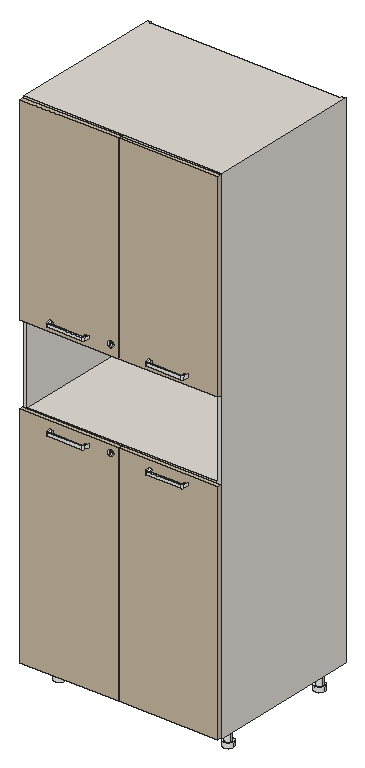
Revit family "Cabinets-Teknion-CEMS-Tall_Cabinet_Microwave_Sections_And_Doors-R2023", category Furniture, Revit 2023
Family settings
  OmniClass Number = 23.40.20.00
  OmniClass Title = General Furniture and Specialties
  Work Plane-Based = No
  Enable Cutting in Views = No
  Always vertical = Yes
  Cut with Voids When Loaded = No
  Render Appearance Source = Family Geometry
  Shared = Yes
  Room Calculation Point = No
Parameters (values of type "Tall Cabinet – Microwave Section(s) and Doors")
  Width [instance] = 36.000"
  Warranty = "http://www.teknion.com/ca/papers/legal-canada"
  Unit Weight URL = "http://www.teknion.com/ca/tools/assets#&asset=bee6a381-b954-425e-8283-5a2de3a804f2,f828d448-4b62-4231-9e5f-9a8991c0ed77"
  URL = "www.teknion.com"
  Two Microwave [instance] = no
  To render please download texture images found here [instance] = "https://assets.teknion.com/web/5e81352c1dfdb467/revit-material-swatches/"
  Three Microwave [instance] = no
  Sustainability Data = "https://www.teknion.com/ca/tools/assets#&topic=216f99a5-57a0-44fc-b10a-9dee9b29ae4c&asset=444deb64-fe58-4b68-981e-f75e97781df7,b4ff2d81-9f2e-437d-9659-7cffb09c31cf"
  Series = "Expansion Casework+"  # constant formula
  Pull Finish [instance] = Paint - Teknion - Foundation - Very White
  Product Page URL = "https://www.teknion.com/ca/products/product-details?productLineId=30ca1270-8e7a-673b-a6c8-ff05004460c4"
  Product Line = "Storage Cabinet"  # constant formula
  Product Documentation Link = "https://www.teknion.com/pricing/expansion-casework/pdfs/CEMS_ppg.pdf"
  Part Number = "CEMS"  # constant formula
  Opening Size [instance] = if(and(Three Microwave, Adjacent Base Cabinet Height = 35.000"), 44.805", if(and(Three Microwave, Adjacent Base Cabinet Height = 32.000"), 47.243", if(and(Two Microwave, Adjacent Base Cabinet Height = 35.000"), 31.118", if(and(Two Microwave, Adjacent Base Cabinet Height = 32.000"), 31.368", 14.546"))))  # 14.546"
  One Microwave [instance] = yes
  Model = "CEMS1_________"  # constant formula
  Microwave Section Configuration [instance] = "Select One Of The Options Below"  # constant formula
  Manufacturer Phone = "416-661-3370"  # constant formula
  Manufacturer Fax = "416.661.4586"  # constant formula
  Manufacturer Contact Information = "http://www.teknion.com/ca/contactus"
  Manufacturer Address = "1150 Flint Road, Toronto, ON. M3J 2J5. Canada"  # constant formula
  Manufacturer = "Teknion"  # constant formula
  How To Use Teknion Materials User Guide [instance] = "https://assets.teknion.com/m/205dd0a49fa58060/original/How-to-add-a-Material-Library-and-Texture-Images-to-your-Revit-project.pdf"
  Height [instance] = 96.000"
  Front Finish [instance] = Foundation Laminate-Teknion-4L-Baltic_Ply
  For Additional Finishes please visit [instance] = "https://assets.teknion.com/m/44a8009b046e5d47/original/Teknion_Materials_Library.zip"
  Description = "Tall Cabinet – Microwave Section(s) and Doors"  # constant formula
  Depth [instance] = 29.000"
  Default Elevation = 0.000"
  Case Finish [instance] = Source Laminate - Teknion - XS - Storm White
  Bottom Cabinet Height [instance] = if(and(Three Microwave, Adjacent Base Cabinet Height = 35.000"), 27.195", if(and(Three Microwave, Adjacent Base Cabinet Height = 32.000"), 24.757", if(and(Two Microwave, Adjacent Base Cabinet Height = 35.000"), 34.882", if(and(Two Microwave, Adjacent Base Cabinet Height = 32.000"), 31.632", 45.454"))))  # 45.454"
  Available Width [instance] = "Available In 24, 27, 30, 33 & 36 Inches"  # constant formula
  Available Height [instance] = if(Three Microwave, "Available In 90 & 96 Inches", "Available In 84, 90 & 96 Inches")  # "Available In 84, 90 & 96 Inches"
  Available Depth [instance] = "Available In 24 & 29 Inches"  # constant formula
  Available Adjacent Base Cabinet Height Options [instance] = if(Height = 84.000", "Not Available In 84\" Height ", "Available In 32 & 35 Inches")  # "Available In 32 & 35 Inches"
  Assembly Code = "E2020200"
  Adjacent Base Cabinet Height [instance] = 32.000"
Reference planes (in)
  plane 1 "Center Front/Back": y = -0.41929
  plane 2: z = 0
  plane 3 "Center Left/Right": x = 0
  plane 4 "Left": x = -18
  plane 5 "Right": x = 18
  plane 6 "Back": y = 14.08071
  plane 7 "Front": y = -14.91929
  plane 8 "Top": z = 96
  plane 9 "Legs": x = -15.35329
  plane 10: y = -9.27567
  plane 11 "Legs 2": x = 15.35329
  plane 12: y = 11.48396
  plane 13 "Handel": z = 61.84055
  plane 14 "Handel 2": z = 44.14494
  plane 15 "Handel 4": x = 9
  plane 16 "Handel 3": x = -9
  plane 17: z = 45.454
  plane 18: z = 4.13386
  plane 19: z = 52.727
  plane 20: z = 60
  plane 21: z = 50.30267
  plane 22: z = 55.15133
Forms (in)
  Sweep 1, solid, material "Source Laminate - Teknion - XS - Storm White" <- "Case Finish"
    path origin (0, -0.41929, 0) x (1, 0, 0) y (0, 0, 1)
      loop
        line (0, 96) -> (0, 4.13386)
    profile origin (0, -0.41929, 50.06693) x (0, -1, 0) y (1, 0, 0)
      loop
        line (-14.18504, 17.29921) -> (-14.18504, -17.29921) -> (-14.5, -17.29921) -> (-14.5, -18) -> (13.66142, -18) -> (13.66142, 18) -> (-14.5, 18) -> (-14.5, 17.29921) -> (-14.18504, 17.29921)
  Sweep 2, void
    path origin (0, 0, 0) x (1, 0, 0) y (0, 1, 0)
      loop
        line (0, 13.06496) -> (0, -14.91929)
    profile origin (0, -0.92717, 0) x (1, 0, 0) y (0, 0, 1)
      loop
        line (-17.29921, 45.572) -> (17.29921, 45.572) -> (17.29921, 60) -> (-17.29921, 60) -> (-17.29921, 45.572)
  Sweep 3, solid, material "Foundation Laminate-Teknion-4L-Baltic_Ply" <- "Front Finish"
    path origin (0, 0, 0) x (1, 0, 0) y (0, 1, 0)
      loop
        line (0, -14.2185) -> (0, -14.91929)
    profile origin (0, -14.5689, 0) x (1, 0, 0) y (0, 0, 1)
      loop
        line (-17.94094, 60) -> (-0.05906, 60) -> (-0.05906, 95.88189) -> (-17.94094, 95.88189) -> (-17.94094, 60)
      loop
        line (0.05906, 60) -> (17.94094, 60) -> (17.94094, 95.88189) -> (0.05906, 95.88189) -> (0.05906, 60)
      loop
        line (-0.05906, 45.454) -> (-17.94094, 45.454) -> (-17.94094, 4.25197) -> (-0.05906, 4.25197) -> (-0.05906, 45.454)
      loop
        line (17.94094, 45.454) -> (0.05906, 45.454) -> (0.05906, 4.25197) -> (17.94094, 4.25197) -> (17.94094, 45.454)
  Revolve 4, solid, material "Paint - Teknion - Foundation - Very White"
    sketch origin (-15.35329, -9.27567, 48) x (-1, 0, 0) y (0, 0, 1)
      loop
        line (-0.93616, -44.88976) -> (-0.55142, -44.88976) -> (-0.55142, -47.2126) -> (-0.94187, -47.2126) -> (-0.94187, -48) -> (0, -48) -> (0, -43.86614) -> (-0.93616, -43.86614) -> (-0.93616, -44.88976)
      axis (0, -48) -> (0, -43.86614)
    angle from 0 to 360
  Revolve 5, solid, material "Paint - Teknion - Foundation - Very White"
    sketch origin (-15.35329, -9.27567, 48) x (-1, 0, 0) y (0, 0, 1)
      loop
        line (-29.76471, -48) -> (-29.76471, -47.2126) -> (-30.15595, -47.2126) -> (-30.15595, -44.88976) -> (-29.77041, -44.88976) -> (-29.77041, -43.86614) -> (-30.70658, -43.86614) -> (-30.70658, -48) -> (-29.76471, -48)
      axis (-30.70658, -48) -> (-30.70658, -43.86614)
    angle from 0 to 360
  Revolve 6, solid, material "Paint - Teknion - Foundation - Very White"
    sketch origin (-15.35329, 11.48396, 48) x (-1, 0, 0) y (0, 0, 1)
      loop
        line (-0.55142, -44.88976) -> (-0.55142, -47.2126) -> (-0.94187, -47.2126) -> (-0.94187, -48) -> (0, -48) -> (0, -43.86614) -> (-0.93616, -43.86614) -> (-0.93616, -44.88976) -> (-0.55142, -44.88976)
      axis (0, -48) -> (0, -43.86614)
    angle from 0 to 360
  Revolve 7, solid, material "Paint - Teknion - Foundation - Very White"
    sketch origin (-15.35329, 11.48396, 48) x (-1, 0, 0) y (0, 0, 1)
      loop
        line (-30.15595, -44.88976) -> (-29.77041, -44.88976) -> (-29.77041, -43.86614) -> (-30.70658, -43.86614) -> (-30.70658, -48) -> (-29.76471, -48) -> (-29.76471, -47.2126) -> (-30.15595, -47.2126) -> (-30.15595, -44.88976)
      axis (-30.70658, -48) -> (-30.70658, -43.86614)
    angle from 0 to 360
  Sweep 8, solid, material "Paint - Teknion - Foundation - Very White"
    path origin (0, 0, 0) x (1, 0, 0) y (0, 1, 0)
      loop
        line (-2, -14.91929) -> (-2, -15.01929)
    profile origin (-2, -14.96929, 0) x (1, 0, 0) y (0, 0, 1)
      loop
        circle (0.52495, 61.86167) r 0.5
      loop
        line (0.57495, 62.16555) -> (0.47495, 62.16555) -> (0.47495, 61.51555) -> (0.57495, 61.51555) -> (0.57495, 62.16555)
      loop
        circle (0.52495, 44.14494) r 0.5
      loop
        line (0.57495, 44.44883) -> (0.47495, 44.44883) -> (0.47495, 43.79883) -> (0.57495, 43.79883) -> (0.57495, 44.44883)
  Sweep 9, solid, material "Source Laminate - Teknion - XS - Storm White" <- "Case Finish", visible <- "Three Microwave"
    path origin (0, 0, 0) x (1, 0, 0) y (0, 1, 0)
      loop
        line (0, 13.06496) -> (0, -14.08071)
    profile origin (0, -0.50787, 0) x (1, 0, 0) y (0, 0, 1)
      loop
        line (17.29921, 55.65786) -> (-17.29921, 55.65786) -> (-17.29921, 54.95707) -> (17.29921, 54.95707) -> (17.29921, 55.65786)
      loop
        line (17.29921, 50.61492) -> (-17.29921, 50.61492) -> (-17.29921, 49.91414) -> (17.29921, 49.91414) -> (17.29921, 50.61492)
  Sweep 10, solid, material "Source Laminate - Teknion - XS - Storm White" <- "Case Finish", visible <- "Two Microwave"
    path origin (0, 0, 0) x (1, 0, 0) y (0, 1, 0)
      loop
        line (0, 13.06496) -> (0, -14.08071)
    profile origin (0, -0.50787, 0) x (1, 0, 0) y (0, 0, 1)
      loop
        line (17.29921, 53.13639) -> (-17.29921, 53.13639) -> (-17.29921, 52.43561) -> (17.29921, 52.43561) -> (17.29921, 53.13639)
Cuts and joins
  Sweep 2 cuts Sweep 1
Lines and regions (in)
  Masking region 1
    outline origin (0, 0, 0) x (1, 0, 0) y (0, 1, 0)
      loop
        line (18, 14.08071) -> (17.29921, 14.08071) -> (17.29921, 13.76575) -> (-17.29921, 13.76575) -> (-17.29921, 14.08071) -> (-18, 14.08071) -> (-18, -14.91929) -> (18, -14.91929) -> (18, 14.08071)
  Masking region 2
    outline origin (0, 0, 0) x (1, 0, 0) y (0, 1, 0)
      loop
        line (-1.97505, -15.01929) -> (-0.97505, -15.01929) -> (-0.97505, -14.91929) -> (-1.97505, -14.91929) -> (-1.97505, -15.01929)
  symbolic lines, style "FurnitureHiddenLines", detail levels medium+fine
    curve 1: line (17.29921, 13.06496, 0) -> (-17.29921, 13.06496, 0)
    curve 2: line (-17.29921, 13.06496, 0) -> (-17.29921, -14.08071, 0)
    curve 3: line (-17.29921, -14.08071, 0) -> (17.29921, -14.08071, 0)
    curve 4: line (17.29921, -14.08071, 0) -> (17.29921, 13.06496, 0)
    curve 5: line (-0.05906, -14.91929, 0) -> (-0.05906, -14.2185, 0)
    curve 6: line (-0.05906, -14.2185, 0) -> (-17.94094, -14.2185, 0)
    curve 7: line (-17.94094, -14.2185, 0) -> (-17.94094, -14.91929, 0)
    curve 8: line (-17.94094, -14.91929, 0) -> (-0.05906, -14.91929, 0)
    curve 9: line (17.94094, -14.2185, 0) -> (0.05906, -14.2185, 0)
    curve 10: line (0.05906, -14.2185, 0) -> (0.05906, -14.91929, 0)
    curve 11: line (0.05906, -14.91929, 0) -> (17.94094, -14.91929, 0)
    curve 12: line (17.94094, -14.91929, 0) -> (17.94094, -14.2185, 0)
  symbolic lines, style "FurnitureHiddenLines", detail levels fine
    curve 13: arc (-14.80186, -9.27567, 0) -> (-15.35329, -9.82709, 0) -> (-15.90471, -9.27567, 0) r 0.55142
    curve 14: arc (-15.90471, -9.27567, 0) -> (-15.35329, -8.72425, 0) -> (-14.80186, -9.27567, 0) r 0.55142
    curve 15: arc (-16.28945, -9.27567, 0) -> (-15.35329, -8.33951, 0) -> (-14.41713, -9.27567, 0) r 0.93616
    curve 16: arc (-14.41713, -9.27567, 0) -> (-15.35329, -10.21183, 0) -> (-16.28945, -9.27567, 0) r 0.93616
    curve 17: arc (-15.90471, 11.48396, 0) -> (-15.35329, 10.93254, 0) -> (-14.80186, 11.48396, 0) r 0.55142
    curve 18: arc (-14.80186, 11.48396, 0) -> (-15.35329, 12.03539, 0) -> (-15.90471, 11.48396, 0) r 0.55142
    curve 19: arc (-14.41713, 11.48396, 0) -> (-15.35329, 12.42013, 0) -> (-16.28945, 11.48396, 0) r 0.93616
    curve 20: arc (-16.28945, 11.48396, 0) -> (-15.35329, 10.5478, 0) -> (-14.41713, 11.48396, 0) r 0.93616
    curve 21: arc (15.90392, 11.48396, 0) -> (15.35329, 10.93333, 0) -> (14.80266, 11.48396, 0) r 0.55063
    curve 22: arc (14.80266, 11.48396, 0) -> (15.35329, 12.03459, 0) -> (15.90392, 11.48396, 0) r 0.55063
    curve 23: arc (14.41713, 11.48396, 0) -> (15.35329, 12.42013, 0) -> (16.28945, 11.48396, 0) r 0.93616
    curve 24: arc (16.28945, 11.48396, 0) -> (15.35329, 10.5478, 0) -> (14.41713, 11.48396, 0) r 0.93616
    curve 25: arc (15.90392, -9.27567, 0) -> (15.35329, -8.72504, 0) -> (14.80266, -9.27567, 0) r 0.55063
    curve 26: arc (14.80266, -9.27567, 0) -> (15.35329, -9.8263, 0) -> (15.90392, -9.27567, 0) r 0.55063
    curve 27: arc (14.41713, -9.27567, 0) -> (15.35329, -10.21183, 0) -> (16.28945, -9.27567, 0) r 0.93616
    curve 28: arc (16.28945, -9.27567, 0) -> (15.35329, -8.33951, 0) -> (14.41713, -9.27567, 0) r 0.93616
  reference lines
    curve 29: line (-18, 14.08071, 0) -> (18, 14.08071, 0)
    curve 30: line (18, 14.08071, 0) -> (18, -14.91929, 0)
    curve 31: line (-18, 14.08071, 0) -> (-18, -14.91929, 0)
    curve 32: line (-18, -14.91929, 0) -> (18, -14.91929, 0)
Dimensions and locks (in)
  "Width": plane 4 "Left" to plane 5 "Right"
  "Depth": plane 6 "Back" to plane 7 "Front"
  "Height": plane 8 "Top" to level
  equal spacing: plane 4 "Left", plane 3 "Center Left/Right", plane 5 "Right"
  equal spacing: plane 6 "Back", plane 1 "Center Front/Back", plane 7 "Front"
  locked: plane 12 to plane 6 "Back" at 2.59675
  locked: plane 11 "Legs 2" to plane 5 "Right" at 2.64671
  locked: plane 10 to plane 7 "Front" at 5.64362
  locked: plane 4 "Left" to plane 9 "Legs" at 2.64671
  locked: Sweep 1 sketch curve to plane 2 at 4.13386
  locked: Sweep 1 sketch curve to plane 5 "Right" at 0.70079
  locked: plane 4 "Left" to Sweep 1 sketch curve at 0.70079
  locked: plane 6 "Back" to Sweep 1 sketch curve at 0.31496
  locked: plane 7 "Front" to Sweep 1 sketch curve at 0.83858
  locked: plane 6 "Back" to Sweep 2 sketch curve at 1.01575
  locked: Sweep 2 sketch curve to plane 4 "Left" at 0.70079
  locked: Sweep 2 sketch curve to plane 5 "Right" at 0.70079
  locked: plane 7 "Front" to Sweep 3 sketch curve at 0.70079
  plane 8 "Top" to Sweep 3 sketch curve to Sweep 3 sketch curve = 0.11811" locked, 0.000" locked
  Sweep 3 sketch curve to Sweep 3 sketch curve to plane 4 "Left" = 0.000" locked, 0.05906" locked
  Sweep 3 sketch curve to Sweep 3 sketch curve to plane 5 "Right" = 0.000" locked, 0.05906" locked
  Sweep 3 sketch curve to Sweep 3 sketch curve to plane 3 "Center Left/Right" to Sweep 3 sketch curve to Sweep 3 sketch curve = 0.000" locked, 0.05906" locked, 0.05906" locked, 0.000" locked
  Revolve 4 sketch curve to Revolve 4 sketch curve to Revolve 4 sketch curve to plane 2 = 1.02362" locked, 2.32283" locked, 0.7874" locked
  Revolve 4 sketch curve to Revolve 4 sketch curve to Revolve 4 sketch curve to plane 9 "Legs" = 0.00571" locked, 0.38474" locked, 0.55142" locked
  Revolve 5 sketch curve to Revolve 5 sketch curve to Revolve 5 sketch curve to plane 2 = 1.02362" locked, 2.32283" locked, 0.7874" locked
  Revolve 5 sketch curve to Revolve 5 sketch curve to Revolve 5 sketch curve to plane 11 "Legs 2" = 0.00571" locked, 0.38553" locked, 0.55063" locked
  Revolve 6 sketch curve to Revolve 6 sketch curve to Revolve 6 sketch curve to plane 2 = 1.02362" locked, 2.32283" locked, 0.7874" locked
  Revolve 6 sketch curve to Revolve 6 sketch curve to Revolve 6 sketch curve to plane 9 "Legs" = 0.00571" locked, 0.38474" locked, 0.55142" locked
  Revolve 7 sketch curve to Revolve 7 sketch curve to Revolve 7 sketch curve to plane 2 = 1.02362" locked, 2.32283" locked, 0.7874" locked
  Revolve 7 sketch curve to Revolve 7 sketch curve to Revolve 7 sketch curve to plane 11 "Legs 2" = 0.00571" locked, 0.38553" locked, 0.55063" locked
  equal spacing: plane 3 "Center Left/Right", plane 16 "Handel 3", plane 4 "Left"
  equal spacing: plane 3 "Center Left/Right", plane 15 "Handel 4", plane 5 "Right"
  Sweep 8 sketch curve to plane 14 "Handel 2" to Sweep 8 sketch curve = 0.30388" locked, 0.34612" locked
  locked: plane 14 "Handel 2" to Sweep 8 sketch curve
  Sweep 8 sketch curve to Sweep 8 sketch curve to plane 13 "Handel" to Sweep 8 sketch curve = 0.30388" locked, 0.02112" locked, 0.325" locked
  locked: Sweep 8 sketch curve to plane 3 "Center Left/Right" at 2
  locked: Sweep 8 sketch curve to Sweep 8 sketch curve at 0.1
  locked: plane 6 "Back" to Masking region 1 sketch curve at 0.31496
  locked: plane 4 "Left" to Masking region 1 sketch curve at 0.70079
  locked: Masking region 1 sketch curve to plane 5 "Right" at 0.70079
  plane 3 "Center Left/Right" to Sweep 8 sketch curve to Sweep 8 sketch curve to Sweep 8 sketch curve = 1.42505" locked, 0.050" locked, 0.050" locked  (x2)
  locked: plane 18 to plane 2 at 4.13386
  Sweep 3 sketch curve to Sweep 3 sketch curve to plane 2 = 0.000" locked, 4.25197" locked
  Sweep 3 sketch curve to Sweep 3 sketch curve to plane 14 "Handel 2" = 0.000" locked, 1.30906" locked
  plane 13 "Handel" to Sweep 3 sketch curve to Sweep 3 sketch curve = 1.84055" locked, 0.000" locked
  locked: Sweep 2 sketch curve to plane 14 "Handel 2" at 1.42706
  locked: plane 13 "Handel" to Sweep 2 sketch curve at 1.84055
  locked: plane 17 to plane 14 "Handel 2" at 1.30906
  locked: plane 13 "Handel" to plane 20 at 1.84055
  equal spacing: plane 20, plane 19, plane 17
  plane 8 "Top" to plane 20 = 36.000"
  equal spacing: plane 20, plane 22, plane 21, plane 17
  locked: plane 6 "Back" to Sweep 9 sketch curve at 1.01575
  locked: plane 7 "Front" to Sweep 9 sketch curve at 0.83858
  locked: Sweep 9 sketch curve to plane 4 "Left" at 0.70079  (x2)
  locked: Sweep 9 sketch curve to plane 5 "Right" at 0.70079  (x2)
  Sweep 9 sketch curve to plane 21 to Sweep 9 sketch curve = 0.31226", 0.38853" locked
  Sweep 9 sketch curve to plane 22 to Sweep 9 sketch curve = 0.50652" locked, 0.19427" locked
  "Opening Size": plane 20 to plane 17
  "Bottom Cabinet Height": plane 17 to plane 2
  locked: plane 6 "Back" to Sweep 10 sketch curve at 1.01575
  locked: plane 7 "Front" to Sweep 10 sketch curve at 0.83858
  locked: Sweep 10 sketch curve to plane 4 "Left" at 0.70079
  locked: Sweep 10 sketch curve to plane 5 "Right" at 0.70079
  Sweep 10 sketch curve to plane 19 to Sweep 10 sketch curve = 0.40939" locked, 0.29139" locked
  aligned and locked: level to plane 2
  aligned and locked: plane 8 "Top" to Sweep 1 sketch curve
  aligned and locked: Sweep 1 sketch curve to plane 3 "Center Left/Right"
  aligned and locked: Sweep 1 sketch curve to plane 4 "Left"
  aligned and locked: Sweep 1 sketch curve to plane 5 "Right"
  aligned and locked: plane 6 "Back" to Sweep 1 sketch curve  (x2)
  aligned and locked: Sweep 2 sketch curve to plane 3 "Center Left/Right"
  aligned and locked: plane 7 "Front" to Sweep 2 sketch curve
  aligned and locked: Sweep 3 sketch curve to plane 3 "Center Left/Right"
  aligned and locked: plane 7 "Front" to Sweep 3 sketch curve
  aligned and locked: Revolve 4 sketch curve to plane 9 "Legs"
  aligned and locked: plane 2 to Revolve 4 sketch curve
  aligned and locked: plane 11 "Legs 2" to Revolve 5 sketch curve
  aligned and locked: Revolve 5 sketch curve to plane 2
  aligned and locked: Revolve 6 sketch curve to plane 9 "Legs"
  aligned and locked: Revolve 6 sketch curve to plane 2
  aligned and locked: plane 2 to Revolve 7 sketch curve
  aligned and locked: Revolve 7 sketch curve to plane 11 "Legs 2"
  aligned and locked: nested 1 to plane 7 "Front"
  aligned and locked: nested 1 to plane 14 "Handel 2"
  aligned and locked: plane 7 "Front" to nested 2
  aligned and locked: plane 14 "Handel 2" to nested 2
  aligned and locked: nested 3 to plane 13 "Handel"
  aligned and locked: plane 13 "Handel" to nested 4
  aligned and locked: nested 3 to plane 7 "Front"
  aligned and locked: plane 7 "Front" to nested 4
  aligned and locked: nested 3 to plane 16 "Handel 3"
  aligned and locked: nested 1 to plane 16 "Handel 3"
  aligned and locked: nested 4 to plane 15 "Handel 4"
  aligned and locked: nested 2 to plane 15 "Handel 4"
  aligned and locked: plane 7 "Front" to Sweep 8 sketch curve
  aligned and locked: plane 5 "Right" to Masking region 1 sketch curve
  aligned and locked: plane 7 "Front" to Masking region 1 sketch curve
  aligned and locked: Masking region 1 sketch curve to plane 4 "Left"
  aligned and locked: Masking region 1 sketch curve to plane 6 "Back"
  aligned and locked: curve 1 to cut or joined group of Sweep 1, Sweep 2
  aligned and locked: curve 2 to cut or joined group of Sweep 1, Sweep 2
  aligned and locked: cut or joined group of Sweep 1, Sweep 2 to curve 3
  aligned and locked: curve 4 to cut or joined group of Sweep 1, Sweep 2
  aligned and locked: curve 5 to Sweep 3
  aligned and locked: curve 6 to Sweep 3
  aligned and locked: curve 7 to Sweep 3
  aligned and locked: curve 8 to Sweep 3
  aligned and locked: curve 9 to Sweep 3
  aligned and locked: curve 10 to Sweep 3
  aligned and locked: Sweep 3 to curve 11
  aligned and locked: curve 12 to Sweep 3
  aligned and locked: curve 13 to Revolve 4
  aligned and locked: curve 14 to Revolve 4
  aligned and locked: curve 15 to Revolve 4
  aligned and locked: curve 16 to Revolve 4
  aligned and locked: curve 17 to Revolve 6
  aligned and locked: curve 18 to Revolve 6
  aligned and locked: curve 19 to Revolve 6
  aligned and locked: curve 20 to Revolve 6
  aligned and locked: curve 21 to Revolve 7
  aligned and locked: curve 22 to Revolve 7
  aligned and locked: curve 23 to Revolve 7
  aligned and locked: curve 24 to Revolve 7
  aligned and locked: curve 25 to Revolve 5
  aligned and locked: curve 26 to Revolve 5
  aligned and locked: curve 27 to Revolve 5
  aligned and locked: curve 28 to Revolve 5
  aligned and locked: Masking region 2 sketch curve to Sweep 8  (x3)
  aligned and locked: nested 8 to plane 6 "Back"
  aligned and locked: nested 5 to plane 6 "Back"
  aligned and locked: nested 7 to plane 7 "Front"
  aligned and locked: plane 7 "Front" to nested 6
  aligned and locked: nested 5 to plane 5 "Right"
  aligned and locked: nested 6 to plane 5 "Right"
  aligned and locked: plane 4 "Left" to nested 8
  aligned and locked: nested 7 to plane 4 "Left"
  aligned and locked: curve 29 to plane 6 "Back"
  aligned and locked: plane 5 "Right" to curve 30
  aligned and locked: curve 31 to plane 4 "Left"
  aligned and locked: plane 7 "Front" to curve 32
  aligned and locked: Sweep 9 sketch curve to plane 3 "Center Left/Right"
  aligned and locked: Sweep 10 sketch curve to plane 3 "Center Left/Right"
Automatic sketch dimensions
  Revolve 4 sketch curve to plane 9 "Legs" = 0.000"
  Revolve 4 sketch curve to Revolve 4 sketch curve = 0.500"
  Revolve 4 sketch curve to Revolve 4 sketch curve = 1.14087"
  plane 11 "Legs 2" to Revolve 5 sketch curve = 0.000"
  Revolve 5 sketch curve to Revolve 5 sketch curve = 0.750"
  Revolve 5 sketch curve to Revolve 5 sketch curve = 1.000"
  Revolve 6 sketch curve to plane 9 "Legs" = 0.000"
  Revolve 6 sketch curve to Revolve 6 sketch curve = 0.500"
  Revolve 6 sketch curve to Revolve 6 sketch curve = 1.500"
  plane 11 "Legs 2" to Revolve 7 sketch curve = 0.000"
  Revolve 7 sketch curve to Revolve 7 sketch curve = 1.01575"
  Revolve 7 sketch curve to Revolve 7 sketch curve = 1.250"
  Masking region 1 sketch curve to plane 6 "Back" = 0.000"
  plane 7 "Front" to Masking region 2 sketch curve = 0.100"
  radius of Sweep 8 sketch curve = 0.500"  (x2)
Nested families (in)
  nested 1: "Handel" at (-9, -15.69291, 43.61394), Pull Finish <- "Pull Finish", type "Handel"
    with To render please download texture images found here "https://assets.teknion.com/web/5e81352c1dfdb467/revit-material-swatches/", Pull Finish Paint - Teknion - Foundation - Very White, How To Use Teknion Materials User Guide "https://assets.teknion.com/m/205dd0a49fa58060/original/How-to-add-a-Material-Library-and-Texture-Images-to-your-Revit-project.pdf", For Additional Finishes please visit "https://assets.teknion.com/m/44a8009b046e5d47/original/Teknion_Materials_Library.zip"
  nested 2: "Handel" at (9, -15.69291, 43.61394) x (-1, 0, 0) z (0, 0, 1), Pull Finish <- "Pull Finish", type "Handel"
    with To render please download texture images found here "https://assets.teknion.com/web/5e81352c1dfdb467/revit-material-swatches/", Pull Finish Paint - Teknion - Foundation - Very White, How To Use Teknion Materials User Guide "https://assets.teknion.com/m/205dd0a49fa58060/original/How-to-add-a-Material-Library-and-Texture-Images-to-your-Revit-project.pdf", For Additional Finishes please visit "https://assets.teknion.com/m/44a8009b046e5d47/original/Teknion_Materials_Library.zip"
  nested 3: "Handel" at (-9, -15.69291, 61.30955), Pull Finish <- "Pull Finish", type "Handel"
    with To render please download texture images found here "https://assets.teknion.com/web/5e81352c1dfdb467/revit-material-swatches/", Pull Finish Paint - Teknion - Foundation - Very White, How To Use Teknion Materials User Guide "https://assets.teknion.com/m/205dd0a49fa58060/original/How-to-add-a-Material-Library-and-Texture-Images-to-your-Revit-project.pdf", For Additional Finishes please visit "https://assets.teknion.com/m/44a8009b046e5d47/original/Teknion_Materials_Library.zip"
  nested 4: "Handel" at (9, -15.69291, 61.30955) x (-1, 0, 0) z (0, 0, 1), Pull Finish <- "Pull Finish", type "Handel"
    with To render please download texture images found here "https://assets.teknion.com/web/5e81352c1dfdb467/revit-material-swatches/", Pull Finish Paint - Teknion - Foundation - Very White, How To Use Teknion Materials User Guide "https://assets.teknion.com/m/205dd0a49fa58060/original/How-to-add-a-Material-Library-and-Texture-Images-to-your-Revit-project.pdf", For Additional Finishes please visit "https://assets.teknion.com/m/44a8009b046e5d47/original/Teknion_Materials_Library.zip"
  nested 5: "Teknion_2D_Node_Family-R2021" at (18, 14.08071, 0), type "Teknion_2D_Node_Family-R2021"
  nested 6: "Teknion_2D_Node_Family-R2021" at (18, -14.91929, 0), type "Teknion_2D_Node_Family-R2021"
  nested 7: "Teknion_2D_Node_Family-R2021" at (-18, -14.91929, 0), type "Teknion_2D_Node_Family-R2021"
  nested 8: "Teknion_2D_Node_Family-R2021" at (-18, 14.08071, 0), type "Teknion_2D_Node_Family-R2021"
Definition of nested family "Handel"
  Parameters (values of type "Handel")
    Warranty = "http://www.teknion.com/ca/papers/legal-canada"
    Unit Weight URL = "http://www.teknion.com/ca/tools/assets#&asset=bee6a381-b954-425e-8283-5a2de3a804f2,f828d448-4b62-4231-9e5f-9a8991c0ed77"
    URL = "www.teknion.com"
    To render please download texture images found here [instance] = "https://assets.teknion.com/web/5e81352c1dfdb467/revit-material-swatches/"
    Sustainability Data = "https://www.teknion.com/ca/tools/assets#&topic=216f99a5-57a0-44fc-b10a-9dee9b29ae4c&asset=444deb64-fe58-4b68-981e-f75e97781df7,b4ff2d81-9f2e-437d-9659-7cffb09c31cf"
    Series = "Casework+"  # constant formula
    Pull Finish [instance] = none
    Product Page URL = ""
    Product Line = "Storage Cabinet"  # constant formula
    Product Documentation Link = ""
    Part Number = "CEMD"  # constant formula
    Model = "CEMD"  # constant formula
    Manufacturer Phone = "416-661-3370"  # constant formula
    Manufacturer Fax = "416.661.4586"  # constant formula
    Manufacturer Contact Information = "http://www.teknion.com/ca/contactus"
    Manufacturer Address = "1150 Flint Road, Toronto, ON. M3J 2J5. Canada"  # constant formula
    Manufacturer = "Teknion"  # constant formula
    How To Use Teknion Materials User Guide [instance] = "https://assets.teknion.com/m/205dd0a49fa58060/original/How-to-add-a-Material-Library-and-Texture-Images-to-your-Revit-project.pdf"
    For Additional Finishes please visit [instance] = "https://assets.teknion.com/m/44a8009b046e5d47/original/Teknion_Materials_Library.zip"
    Description = "Tall Cabinet – Microwave Section & Doors with Interior Drawers"  # constant formula
    Default Elevation = 0.000"
    Assembly Code = "E2020200"
  Reference planes (in)
    plane 1 "Center Front/Back": y = 0.26181
    plane 2: z = 0
    plane 3 "Center Left/Right": x = 0
    plane 4 "Left": x = -3.49508
    plane 5 "Right": x = 3.49508
    plane 6 "Back": y = 0.77362
    plane 7 "Front": y = -0.25
    plane 8 "Top": z = 0.531
  Forms (in)
    Sweep 1, solid, material <- "Pull Finish"
      path origin (-29.24805, 12.77362, -33.04183) x (1, 0, 0) y (0, 0, 1)
        loop
          line (21, 33.57283) -> (21, 33.04183)
      profile origin (-8.24805, 12.77362, 0.2655) x (0, -1, 0) y (1, 0, 0)
        loop
          arc (13.02362, 11.39821) -> (12.96086, 11.56387) -> (12.80409, 11.64635) r 0.25
          line (12.80409, 11.64635) -> (12, 11.74508) -> (12, 11.60728) -> (12.7874, 11.48165) -> (12.7874, 5.01835) -> (12, 4.89272) -> (12, 4.75492) -> (12.80409, 4.85365)
          arc (12.80409, 4.85365) -> (12.96086, 4.93613) -> (13.02362, 5.10179) r 0.25
          line (13.02362, 5.10179) -> (13.02362, 11.39821)
    Sweep 2, void
      path origin (-29.24805, 12.77362, -33.04183) x (1, 0, 0) y (0, 0, 1)
        loop
          line (21, 32.6875) -> (21, 33.9375)
      profile origin (-8.24805, 12.77362, 0.27067) x (-1, 0, 0) y (0, -1, 0)
        loop
          line (-11.80845, 11.12152) -> (-4.69155, 11.12152) -> (-4.69155, 12) -> (-11.80845, 12) -> (-11.80845, 11.12152)
        loop
          line (-4.69155, 13.2874) -> (-11.80845, 13.2874) -> (-11.80845, 12.7874) -> (-4.69155, 12.7874) -> (-4.69155, 13.2874)
    Sweep 3, solid, material <- "Pull Finish"
      path origin (-29.24805, 27.27362, 0) x (1, 0, 0) y (0, 1, 0)
        loop
          line (25.8214, -25.7912) -> (26.07531, -27.38258)
      profile origin (-3.2997, 0.68673, 0) x (0.987508, 0.157566, 0) y (0, 0, 1)
        loop
          arc (0.27511, 0.11416) -> (0.37002, 0.26525) -> (0.27511, 0.41634) r 0.16772
          line (0.27511, 0.41634) -> (0.03717, 0.531) -> (-0.04125, 0.531) -> (-0.04125, 0) -> (0.0382, 0) -> (0.27511, 0.11416)
    Sweep 4, solid, material <- "Pull Finish"
      path origin (-29.24805, 27.27362, 0) x (1, 0, 0) y (0, 1, 0)
        loop
          line (32.42469, -27.38258) -> (32.6786, -25.7912)
      profile origin (3.30359, 0.68673, 0) x (-0.987508, 0.157566, 0) y (0, 0, 1)
        loop
          arc (0.27511, 0.11416) -> (0.37017, 0.2655) -> (0.27511, 0.41684) r 0.16799
          line (0.27511, 0.41684) -> (0.0382, 0.531) -> (-0.04125, 0.531) -> (-0.04125, 0) -> (0.0382, 0) -> (0.27511, 0.11416)
    Sweep 5, solid, material <- "Pull Finish"
      path origin (-29.25, 12.77362, -33.04183) x (1, 0, 0) y (0, 0, 1)
        loop
          line (21, 33.57283) -> (21, 33.04183)
      profile origin (-8.25, 12.77362, 0.2655) x (0, -1, 0) y (1, 0, 0)
        loop
          arc (13.02362, 11.39821) -> (12.96086, 11.56387) -> (12.80409, 11.64635) r 0.25
          line (12.80409, 11.64635) -> (12, 11.74508) -> (12, 11.60728) -> (12.7874, 11.48165) -> (12.7874, 5.01835) -> (12, 4.89272) -> (12, 4.75492) -> (12.80409, 4.85365)
          arc (12.80409, 4.85365) -> (12.96086, 4.93613) -> (13.02362, 5.10179) r 0.25
          line (13.02362, 5.10179) -> (13.02362, 11.39821)
  Cuts and joins
    Sweep 2 cuts Sweep 1
    Sweep 2 cuts Sweep 3
    Sweep 2 cuts Sweep 4
    joined: Sweep 1, Sweep 3, Sweep 4, Sweep 5
  Lines and regions (in)
    Masking region 1
      outline origin (0, 0, 0) x (1, 0, 0) y (0, 1, 0)
        loop
          arc (-3.39635, -0.03047) -> (-3.31387, -0.18724) -> (-3.14821, -0.25) r 0.25
          line (-3.14821, -0.25) -> (3.14821, -0.25)
          arc (3.14821, -0.25) -> (3.31387, -0.18724) -> (3.39635, -0.03047) r 0.25
          line (3.39635, -0.03047) -> (3.49702, 0.77362) -> (2.94268, 0.77362) -> (2.81704, -0.01378) -> (-2.81331, -0.01378) -> (-2.93895, 0.77362) -> (-3.49313, 0.77362) -> (-3.39635, -0.03047)
    symbolic lines
      curve 1: line (-3.15028, -0.01378, 0) -> (-3.27592, 0.77362, 0)
      curve 2: line (3.15313, -0.01378, 0) -> (-3.15028, -0.01378, 0)
      curve 3: line (3.27877, 0.77362, 0) -> (3.15313, -0.01378, 0)
  Dimensions and locks (in)
    plane 4 "Left" to plane 5 "Right" = 6.99016"
    plane 6 "Back" to plane 7 "Front" = 1.02362"
    plane 8 "Top" to level = 0.531"
    equal spacing: plane 6 "Back", plane 1 "Center Front/Back", plane 7 "Front"
    equal spacing: plane 4 "Left", plane 3 "Center Left/Right", plane 5 "Right"
    aligned and locked: level to plane 2
  Automatic sketch dimensions
    Sweep 1 sketch curve to level = 0.000"
    Sweep 1 sketch curve to plane 3 "Center Left/Right" = 8.24805"
    level to Sweep 1 sketch curve = 0.531"
    Sweep 1 sketch curve to profile plane = 4.75492"
    profile plane to Sweep 1 sketch curve = 12.000"
    Sweep 1 sketch curve to Sweep 1 sketch curve = 0.000"
    Sweep 1 sketch curve to Sweep 1 sketch curve = 0.77362"  (x2)
    Sweep 1 sketch curve to Sweep 1 sketch curve = 0.01378"
    Sweep 1 sketch curve to profile plane = 4.85365"
    Sweep 1 sketch curve to Sweep 1 sketch curve = 0.01669"  (x2)
    Sweep 1 sketch curve to profile plane = 11.64635"
    Sweep 1 sketch curve to Sweep 1 sketch curve = 0.1378"  (x2)
    Sweep 1 sketch curve to Sweep 1 sketch curve = 0.08343"  (x2)
    level to Sweep 2 sketch curve = 0.89567"
    Sweep 2 sketch curve to plane 3 "Center Left/Right" = 8.24805"
    Sweep 2 sketch curve to level = 0.35433"
    Sweep 3 sketch curve to plane 3 "Center Left/Right" = 3.42666"
    plane 1 "Center Front/Back" to Sweep 3 sketch curve = 0.37076"
    Sweep 3 sketch curve to Sweep 3 sketch curve = 0.25392"
    Sweep 3 sketch curve to Sweep 3 sketch curve = 1.59137"
    profile plane to Sweep 3 sketch curve = 0.04125"
    Sweep 3 sketch curve to profile plane = 0.000"
    Sweep 3 sketch curve to Sweep 3 sketch curve = 0.07843"
    Sweep 3 sketch curve to Sweep 3 sketch curve = 0.07946"
    Sweep 3 sketch curve to profile plane = 0.2023"
    profile plane to Sweep 3 sketch curve = 0.11416"
    Sweep 3 sketch curve to Sweep 3 sketch curve = 0.07281"  (x2)
    Sweep 3 sketch curve to Sweep 3 sketch curve = 0.15109"
    Sweep 3 sketch curve to Sweep 3 sketch curve = 0.11466"
    plane 3 "Center Left/Right" to Sweep 4 sketch curve = 3.17663"
    plane 1 "Center Front/Back" to Sweep 4 sketch curve = 0.37076"
    Sweep 4 sketch curve to Sweep 4 sketch curve = 0.25392"
    Sweep 4 sketch curve to Sweep 4 sketch curve = 1.59137"
    profile plane to Sweep 4 sketch curve = 0.04125"
    profile plane to Sweep 4 sketch curve = 0.000"
    Sweep 4 sketch curve to Sweep 4 sketch curve = 0.07946"  (x2)
    Sweep 4 sketch curve to profile plane = 0.20218"
    Sweep 4 sketch curve to Sweep 4 sketch curve = 0.07293"  (x2)
    profile plane to Sweep 4 sketch curve = 0.11416"
    Sweep 4 sketch curve to Sweep 4 sketch curve = 0.15134"
    Sweep 4 sketch curve to Sweep 4 sketch curve = 0.11416"
    Sweep 5 sketch curve to level = 0.000"
    level to Sweep 5 sketch curve = 0.531"
    Sweep 5 sketch curve to profile plane = 4.75492"
    profile plane to Sweep 5 sketch curve = 12.000"
    Sweep 5 sketch curve to Sweep 5 sketch curve = 0.000"
    Sweep 5 sketch curve to Sweep 5 sketch curve = 0.77362"  (x2)
    Sweep 5 sketch curve to Sweep 5 sketch curve = 0.01378"
    Sweep 5 sketch curve to profile plane = 4.85365"
    Sweep 5 sketch curve to Sweep 5 sketch curve = 0.01669"  (x2)
    Sweep 5 sketch curve to profile plane = 11.64635"
    Sweep 5 sketch curve to Sweep 5 sketch curve = 0.1378"  (x2)
    Sweep 5 sketch curve to Sweep 5 sketch curve = 0.08343"  (x2)
    profile plane to Sweep 2 sketch curve = 11.80845"
    Sweep 2 sketch curve to Sweep 2 sketch curve = 0.000"  (x2)
    profile plane to Sweep 2 sketch curve = 4.69155"
    profile plane to Sweep 2 sketch curve = 11.12152"
    Sweep 2 sketch curve to Sweep 2 sketch curve = 0.87848"
    Sweep 2 sketch curve to Sweep 2 sketch curve = 0.7874"
    Sweep 2 sketch curve to Sweep 2 sketch curve = 0.500"
    Masking region 1 sketch curve to plane 6 "Back" = 0.000"  (x2)
    plane 7 "Front" to Masking region 1 sketch curve = 0.000"
    plane 4 "Left" to Masking region 1 sketch curve = 0.00195"
    plane 4 "Left" to Masking region 1 sketch curve = 0.09873"
    Masking region 1 sketch curve to Masking region 1 sketch curve = 0.24814"
    Masking region 1 sketch curve to plane 7 "Front" = 0.23622"
    plane 5 "Right" to Masking region 1 sketch curve = 0.67804"
    plane 5 "Right" to Masking region 1 sketch curve = 0.5524"
    Masking region 1 sketch curve to Masking region 1 sketch curve = 0.33117"
    plane 5 "Right" to Masking region 1 sketch curve = 0.09873"
    Masking region 1 sketch curve to plane 5 "Right" = 0.00195"
    Masking region 1 sketch curve to plane 7 "Front" = 0.21953"  (x2)
    Masking region 1 sketch curve to Masking region 1 sketch curve = 0.55419"
    Masking region 1 sketch curve to Masking region 1 sketch curve = 0.3349"
    curve 1 to plane 6 "Back" = 0.000"
    plane 4 "Left" to curve 2 = 0.3448"
    curve 1 to plane 7 "Front" = 0.23622"
    plane 4 "Left" to curve 1 = 0.21916"
    plane 5 "Right" to curve 2 = 0.34195"
    curve 3 to plane 6 "Back" = 0.000"
    plane 5 "Right" to curve 3 = 0.21631"
Definition of nested family "Teknion_2D_Node_Family-R2021"
  Reference planes (in)
    plane 1 "Center (Front/Back)": y = 0
    plane 2: z = 0
    plane 3 "Center (Left/Right)": x = 0
  Lines and regions (in)
    detail lines, in view "Ref. Level"
      curve 1: circle (0, 0, 0) r 1.25 normal (0, 0, 1)
      curve 2: line (1.91508, -1.91508, 0) -> (-1.91508, 1.91508, 0)
      curve 3: line (-1.91508, -1.91508, 0) -> (1.91508, 1.91508, 0)
